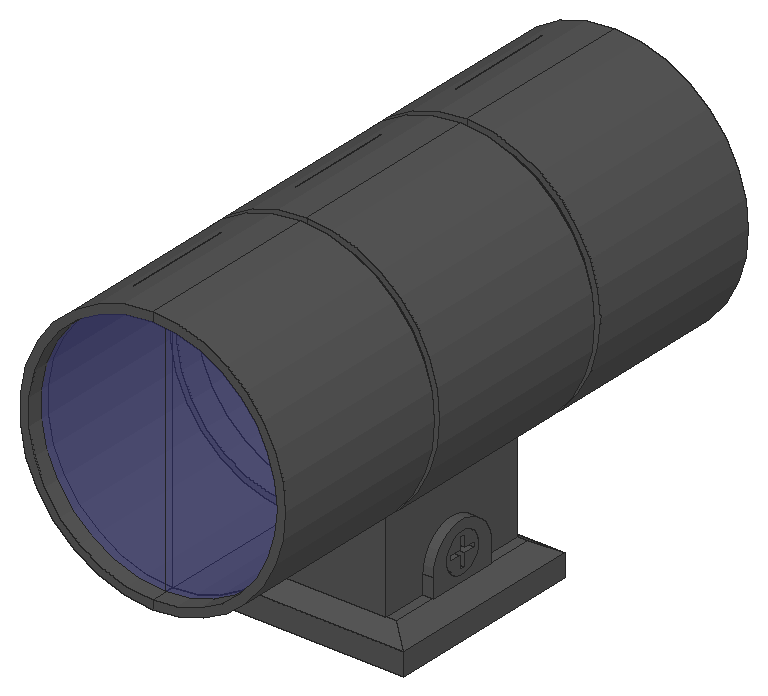
Revit family "CARLO CYLINDER LIGHT WALL MOUNT", category Lighting Fixtures, host Face, Revit 2020 (continued)
Types (10): name | Wattage_Input | Wattage Comments | Wattage | Photometric Web File | built-in parameter 1150142 | Model | built-in parameter 1150105 | Lumens | Light Length 1 | LIGHT RADIUS | LIGHT PLACEMENT | LIGHT LENGTH | LIGHT DIA | built-in parameter 1150106 | FIXED END HEIGHT | Curve base Height | Base Curve | BEAMING ANGLE | Apparent Load
  CCL4-11-20SPSW8-PC-25-WM-BK | 20 W | "12W/16W/20W" | 12.1178 W | "CCL4 20W 3000K 25° (up and down light).IES" | "IESNA:LM-63-2002\r\n[TEST] CCL4 20W 3000K 25¡ã (up and down light)\r\n[TESTLAB] EVERFINE\r\n[TESTDATE] 2024-07-05\r\n[ISSUEDATE] 2024-07-05 04:44:29\r\n[NEARFIELD] \r\n[LAMPPOSITION] 0,0\r\n[OTHER] EVERFINE GO-2000_V1 SYSTEM\r\n[MANUFAC] Aboveall lighting\r\nTILT=NONE\r\n1 812.93 1 361 73 1 2 0.000 0.000 0.000\r\n1.000 1 20.2317\r\n0.0    0.5    1.0    1.5    2.0    2.5    3.0    3.5    4.0    4.5    \r\n 5.0    5.5    6.0    6.5    7.0    7.5    8.0    8.5    9.0    9.5    \r\n 10.0   10.5   11.0   11.5   12.0   12.5   13.0   13.5   14.0   14.5   \r\n 15.0   15.5   16.0   16.5   17.0   17.5   18.0   18.5   19.0   19.5   \r\n 20.0   20.5   21.0   21.5   22.0   22.5   23.0   23.5   24.0   24.5   \r\n 25.0   25.5   26.0   26.5   27.0   27.5   28.0   28.5   29.0   29.5   \r\n 30.0   30.5   31.0   31.5   32.0   32.5   33.0   33.5   34.0   34.5   \r\n 35.0   35.5   36.0   36.5   37.0   37.5   38.0   38.5   39.0   39.5   \r\n 40.0   40.5   41.0   41.5   42.0   42.5   43.0   43.5   44.0   44.5   \r\n 45.0   45.5   46.0   46.5   47.0   47.5   48.0   48.5   49.0   49.5   \r\n 50.0   50.5   51.0   51.5   52.0   52.5   53.0   53.5   54.0   54.5   \r\n 55.0   55.5   56.0   56.5   57.0   57.5   58.0   58.5   59.0   59.5   \r\n 60.0   60.5   61.0   61.5   62.0   62.5   63.0   63.5   64.0   64.5   \r\n 65.0   65.5   66.0   66.5   67.0   67.5   68.0   68.5   69.0   69.5   \r\n 70.0   70.5   71.0   71.5   72.0   72.5   73.0   73.5   74.0   74.5   \r\n 75.0   75.5   76.0   76.5   77.0   77.5   78.0   78.5   79.0   79.5   \r\n 80.0   80.5   81.0   81.5   82.0   82.5   83.0   83.5   84.0   84.5   \r\n 85.0   85.5   86.0   86.5   87.0   87.5   88.0   88.5   89.0   89.5   \r\n 90.0   90.5   91.0   91.5   92.0   92.5   93.0   93.5   94.0   94.5   \r\n 95.0   95.5   96.0   96.5   97.0   97.5   98.0   98.5   99.0   99.5   \r\n 100.0  100.5  101.0  101.5  102.0  102.5  103.0  103.5  104.0  104.5  \r\n 105.0  105.5  106.0  106.5  107.0  107.5  108.0  108.5  109.0  109.5  \r\n 110.0  110.5  111.0  111.5  112.0  112.5  113.0  113.5  114.0  114.5  \r\n 115.0  115.5  116.0  116.5  117.0  117.5  118.0  118.5  119.0  119.5  \r\n 120.0  120.5  121.0  121.5  122.0  122.5  123.0  123.5  124.0  124.5  \r\n 125.0  125.5  126.0  126.5  127.0  127.5  128.0  128.5  129.0  129.5  \r\n 130.0  130.5  131.0  131.5  132.0  132.5  133.0  133.5  134.0  134.5  \r\n 135.0  135.5  136.0  136.5  137.0  137.5  138.0  138.5  139.0  139.5  \r\n 140.0  140.5  141.0  141.5  142.0  142.5  143.0  143.5  144.0  144.5  \r\n 145.0  145.5  146.0  146.5  147.0  147.5  148.0  148.5  149.0  149.5  \r\n 150.0  150.5  151.0  151.5  152.0  152.5  153.0  153.5  154.0  154.5  \r\n 155.0  155.5  156.0  156.5  157.0  157.5  158.0  158.5  159.0  159.5  \r\n 160.0  160.5  161.0  161.5  162.0  162.5  163.0  163.5  164.0  164.5  \r\n 165.0  165.5  166.0  166.5  167.0  167.5  168.0  168.5  169.0  169.5  \r\n 170.0  170.5  171.0  171.5  172.0  172.5  173.0  173.5  174.0  174.5  \r\n 175.0  175.5  176.0  176.5  177.0  177.5  178.0  178.5  179.0  179.5  \r\n 180.0  \r\n0.0    5.0    10.0   15.0   20.0   25.0   30.0   35.0   40.0   45.0   \r\n 50.0   55.0   60.0   65.0   70.0   75.0   80.0   85.0   90.0   95.0   \r\n 100.0  105.0  110.0  115.0  120.0  125.0  130.0  135.0  140.0  145.0  \r\n 150.0  155.0  160.0  165.0  170.0  175.0  180.0  185.0  190.0  195.0  \r\n 200.0  205.0  210.0  215.0  220.0  225.0  230.0  235.0  240.0  245.0  \r\n 250.0  255.0  260.0  265.0  270.0  275.0  280.0  285.0  290.0  295.0  \r\n 300.0  305.0  310.0  315.0  320.0  325.0  330.0  335.0  340.0  345.0  \r\n 350.0  355.0  360.0  \r\n3725 3720.5 3708.8 3694.4 3668.3 3622.8 3556.3 3464.2 3347.9 3204.9 \r\n 3042.7 2867.9 2680.9 2482 2278.7 2078.7 1882.2 1689.4 1507.5 1342.2 \r\n 1198.1 1088.7 992.56 886.58 788.22 709.85 643.64 585.81 536.7 495.58 \r\n 461.83 435.14 413.84 396.29 382.13 370.53 361.18 353.62 347.5 342.31 \r\n 338.09 334.93 332.26 329.44 326.77 324.33 322.09 320.05 318.18 316.49 \r\n 314.74 312.56 310.21 307.8 305.4 303.18 301 298.75 296.51 294.32 \r\n 292.19 290.12 288.24 286.79 285.43 283.82 282.19 280.66 279.2 278.09 \r\n 276.4 273.97 268.73 257.93 243.36 225.86 205.63 182.19 158.46 137.97 \r\n 118.37 98.385 78.412 56.802 38.448 29.322 24.526 21.152 19.197 17.681 \r\n 16.622 15.694 14.949 14.354 13.841 13.331 12.834 12.332 11.836 11.361 \r\n 10.881 10.362 9.8402 9.3544 8.8656 8.3344 7.8007 7.2977 6.8061 6.3114 \r\n 5.8321 5.3872 4.9614 4.5426 4.1393 3.7508 3.3932 3.0862 2.8183 2.5861 \r\n 2.3841 2.2079 2.0514 1.9056 1.7742 1.6583 1.557 1.4718 1.3961 1.3233 \r\n 1.2556 1.1921 1.1351 1.0889 1.0466 1.0028 0.95846 0.91165 0.86633 0.82619 \r\n 0.79002 0.75862 0.72975 0.70174 0.67376 0.64367 0.6137 0.59107 0.56943 0.54392 \r\n 0.51743 0.49114 0.46533 0.44151 0.4172 0.3892 0.36119 0.33661 0.31301 0.28872 \r\n 0.26493 0.24262 0.2208 0.19875 0.17673 0.1545 0.13276 0.11172 0.092643 0.078036 \r\n 0.064443 0.048432 0.032434 0.016652 0.004335 0.00043719 0.000046 0 0 0 \r\n 0 0 0 0 0 0.017321 0.039652 0.059174 0.079724 0.10267 \r\n 0.1276 0.15583 0.1836 0.20572 0.22783 0.25531 0.28378 0.3101 0.33593 0.36173 \r\n 0.38802 0.4158 0.44408 0.47163 0.50018 0.53268 0.56421 0.58834 0.61246 0.64321 \r\n 0.67641 0.7101 0.74431 0.77786 0.81243 0.85118 0.89243 0.93397 0.98049 1.0386 \r\n 1.1003 1.1579 1.2166 1.2772 1.3447 1.4271 1.5165 1.6048 1.7007 1.8102 \r\n 1.9326 2.0682 2.2206 2.3933 2.5874 2.8069 3.0471 3.2959 3.5791 3.9251 \r\n 4.314 4.7435 5.1899 5.6157 6.0596 6.5614 7.0797 7.5759 8.0817 8.6267 \r\n 9.1787 9.7031 10.237 10.818 11.41 11.981 12.553 13.131 13.727 14.354 \r\n 15.008 15.67 16.401 17.213 18.227 19.553 21.243 23.442 25.975 28.017 \r\n 31.667 38.811 49.271 63.873 81.484 101.72 123.15 144.17 164.98 186.28 \r\n 204.95 216.59 225.8 236.13 246.43 257.73 267.05 270.43 271.92 274.65 \r\n 277.42 280.03 282.64 285.36 288.09 290.77 293.41 296.03 298.54 300.85 \r\n 302.97 304.85 306.63 308.46 310.32 312.25 314.26 316.42 318.61 320.6 \r\n 322.75 325.42 328.38 331.44 334.79 338.41 342.63 347.68 353.86 361.27 \r\n 370.72 382.79 398.27 417.96 442.42 472.11 508.14 551.44 603.02 664.02 \r\n 734.87 816.01 908.57 1012.3 1131.8 1271.1 1431 1618.8 1819.6 2020.9 \r\n 2223 2421.1 2618.1 2820.1 3013.1 3184.6 3335.5 3464 3565.2 3630.7 \r\n 3669.6 3683.4 3686.5 3695.2 3704.8 3717.5 3729 3736 3738.4 3735.1 \r\n 3733.6 \r\n3725 3720.7 3710.2 3697.5 3674.2 3634.1 3574.1 3488.4 3378.9 3243.8 \r\n 3087.5 2911.4 2722.2 2525.2 2325.3 2129.7 1936.4 1743.1 1558.5 1388.9 \r\n 1239.1 1122 1018.6 909.56 809.51 729.06 661.07 602.05 551.63 508.23 \r\n 472.02 443.22 420.08 401.13 385.87 373.4 363.39 355.31 348.81 343.33 \r\n 338.88 335.46 332.57 329.69 327 324.52 322.24 320.17 318.26 316.52 \r\n 314.74 312.64 310.42 308.18 305.94 303.77 301.63 299.48 297.36 295.3 \r\n 293.3 291.36 289.57 288.08 286.65 284.98 283.29 281.72 280.22 279.03 \r\n 277.49 276.03 271.67 260.62 245.79 228.82 209.79 188.96 167.47 146.79 \r\n 126.25 105.72 85.196 63.159 44.052 33.066 26.432 22.36 20.102 18.27 \r\n 17.004 15.985 15.204 14.552 13.998 13.477 12.982 12.483 11.99 11.511 \r\n 11.025 10.504 9.9812 9.4952 9.0071 8.4785 7.946 7.4386 6.9412 6.4442 \r\n 5.9613 5.5057 5.0691 4.648 4.2417 3.8406 3.4682 3.1491 2.871 2.6322 \r\n 2.4248 2.2423 2.0794 1.9276 1.7909 1.6715 1.5674 1.4796 1.4016 1.326 \r\n 1.2564 1.1946 1.1388 1.0886 1.0419 0.99703 0.95279 0.90569 0.86074 0.82286 \r\n 0.78881 0.75707 0.72743 0.69965 0.67227 0.64313 0.61407 0.59079 0.5684 0.5434 \r\n 0.5175 0.491 0.46465 0.44005 0.41493 0.38627 0.35797 0.33407 0.31118 0.28661 \r\n 0.26228 0.23951 0.21734 0.19523 0.17327 0.15116 0.12949 0.10821 0.088924 0.074567 \r\n 0.061139 0.044432 0.028011 0.013353 0.0025214 0 0 0 0 0 \r\n 0.000040 0.0020775 0.0048978 0.0058439 0.011198 0.029185 0.051319 0.070497 0.090803 0.11438 \r\n 0.13995 0.16802 0.19548 0.2177 0.23982 0.26677 0.29453 0.32007 0.34537 0.37137 \r\n 0.39808 0.42594 0.45451 0.48324 0.51288 0.54525 0.57664 0.60187 0.62708 0.6578 \r\n 0.69073 0.72452 0.75895 0.79286 0.82809 0.86846 0.91159 0.95507 1.0029 1.06 \r\n 1.1209 1.1809 1.2423 1.3036 1.3713 1.4538 1.5443 1.6365 1.737 1.8508 \r\n 1.977 2.1152 2.2697 2.4435 2.6402 2.8672 3.1162 3.3733 3.6629 4.0097 \r\n 4.3992 4.8343 5.2862 5.7117 6.1557 6.6641 7.1902 7.6907 8.2002 8.751 \r\n 9.3064 9.8249 10.352 10.936 11.528 12.086 12.643 13.219 13.814 14.433 \r\n 15.08 15.739 16.473 17.304 18.347 19.7 21.434 23.733 26.349 28.28 \r\n 31.969 39.716 50.953 66.356 84.492 104.38 125.35 146.51 167.56 188.84 \r\n 207.64 220.09 229.91 239.68 248.92 258.78 266.89 270.19 271.92 274.65 \r\n 277.41 280.09 282.78 285.59 288.4 291.05 293.69 296.45 299.13 301.54 \r\n 303.78 305.89 307.91 309.92 311.93 313.97 316.06 318.32 320.61 322.75 \r\n 325.05 327.85 330.94 334.14 337.67 341.54 346.05 351.39 357.88 365.63 \r\n 375.49 388.07 404.15 424.44 449.72 480.65 518.32 563.73 617.79 681.43 \r\n 755.58 842.21 939.14 1041.1 1159.2 1304.5 1471.4 1662.1 1864.3 2066.4 \r\n 2269 2468.8 2666.7 2866.8 3056.2 3223.2 3368.7 3491.7 3587.1 3646.4 \r\n 3679.7 3689.3 3690 3699.9 3711.3 3724 3734.9 3740.8 3742.1 3737.8 \r\n 3733.6 \r\n3725 3721.1 3711.9 3700.9 3680.9 3646.5 3593.4 3514.9 3412.6 3285.5 \r\n 3135 2957.8 2766.8 2573.1 2377.8 2186.9 1996.9 1802.9 1615.3 1441.3 \r\n 1285.3 1158.9 1047.2 935.51 834.42 751.77 681.62 620.96 568.81 522.88 \r\n 484 452.79 427.54 406.99 390.48 377.03 366.28 357.62 350.68 344.87 \r\n 340.14 336.36 333.17 330.16 327.39 324.79 322.39 320.21 318.18 316.26 \r\n 314.34 312.27 310.16 308.06 305.95 303.8 301.67 299.63 297.65 295.75 \r\n 293.93 292.16 290.49 289 287.52 285.84 284.16 282.59 281.11 279.89 \r\n 278.47 277.6 273.77 262.4 247.44 231.37 213.95 195.98 176.89 155.97 \r\n 134.4 113.21 92.114 69.924 50.324 37.398 28.753 23.863 21.208 19.01 \r\n 17.511 16.383 15.55 14.828 14.222 13.681 13.183 12.684 12.192 11.705 \r\n 11.21 10.686 10.161 9.6716 9.1811 8.6558 8.1258 7.6124 7.1076 6.608 \r\n 6.1207 5.6519 5.2019 4.7764 4.3653 3.9502 3.5619 3.2294 2.9397 2.6927 \r\n 2.4782 2.2872 2.1162 1.9575 1.8151 1.6916 1.5841 1.4929 1.4118 1.3329 \r\n 1.2611 1.2006 1.1456 1.0906 1.0387 0.99254 0.94825 0.9009 0.85645 0.82097 \r\n 0.78911 0.75684 0.72616 0.69844 0.67157 0.64349 0.61547 0.5911 0.5675 0.54287 \r\n 0.51754 0.49082 0.46389 0.43835 0.41226 0.38288 0.35427 0.33103 0.30881 0.28392 \r\n 0.25898 0.2357 0.21313 0.19096 0.16906 0.147 0.1253 0.10364 0.083996 0.069705 \r\n 0.056331 0.038965 0.022359 0.0094941 0.00077819 0 0 0 0 0 \r\n 0.000082 0.004205 0.010139 0.015538 0.024717 0.043369 0.065028 0.083725 0.10366 0.12778 \r\n 0.1539 0.18161 0.20865 0.23124 0.25361 0.27978 0.30654 0.33133 0.3562 0.38257 \r\n 0.4098 0.43764 0.46641 0.49657 0.52753 0.55954 0.59057 0.61715 0.64379 0.67462 \r\n 0.70733 0.74109 0.77562 0.81027 0.84732 0.88964 0.9349 0.98077 1.0301 1.0858 \r\n 1.1455 1.2082 1.2728 1.3348 1.4026 1.4845 1.5754 1.6715 1.777 1.895 \r\n 2.0249 2.1652 2.321 2.4947 2.6927 2.9258 3.1828 3.4487 3.7449 4.0903 \r\n 4.4774 4.9164 5.3726 5.7976 6.2416 6.7561 7.2894 7.7954 8.31 8.8668 \r\n 9.426 9.9417 10.465 11.05 11.642 12.185 12.728 13.306 13.905 14.515 \r\n 15.154 15.812 16.554 17.41 18.484 19.857 21.624 24.008 26.704 28.581 \r\n 32.345 40.62 52.514 68.588 87.106 106.48 126.83 148 169.2 190.31 \r\n 209.2 222.92 233.88 243.41 251.72 259.94 266.59 269.85 271.94 274.68 \r\n 277.44 280.2 282.99 285.9 288.78 291.4 294.02 296.91 299.76 302.26 \r\n 304.63 306.98 309.27 311.47 313.64 315.78 317.97 320.33 322.75 325.07 \r\n 327.57 330.52 333.74 337.11 340.82 344.96 349.77 355.39 362.18 370.27 \r\n 380.52 393.57 410.18 430.96 456.92 488.96 528.13 575.51 631.9 697.96 \r\n 775.2 867.21 968.38 1068.6 1185 1335.3 1507.8 1699.9 1902.2 2104.3 \r\n 2307.1 2508.7 2707.6 2905.4 3091.1 3253.8 3394.5 3512.3 3602.6 3656.9 \r\n 3686.1 3693.5 3693.5 3704.9 3718.2 3730.6 3740.5 3745.3 3745.5 3740.4 \r\n 3733.6 \r\n3725 3721.6 3713.8 3704.7 3687.9 3659.3 3613.2 3542.1 3447.4 3328.2 \r\n 3183.6 3006.2 2814.3 2624.7 2434.6 2248.1 2061 1866.3 1675.7 1497.2 \r\n 1334.8 1198.5 1077.9 964.04 862.58 777.64 704.94 641.99 587.47 538.85 \r\n 497.24 463.44 435.91 413.64 395.78 381.29 369.72 360.44 353.01 346.84 \r\n 341.8 337.61 334.06 330.86 327.95 325.19 322.62 320.26 318.02 315.83 \r\n 313.7 311.59 309.53 307.53 305.51 303.34 301.19 299.23 297.38 295.64 \r\n 293.99 292.42 290.89 289.4 287.89 286.24 284.61 283.09 281.66 280.47 \r\n 279.13 278.54 274.96 263.38 248.52 233.64 218.08 202.95 186.17 165.04 \r\n 142.47 120.61 98.963 76.855 56.991 42.155 31.446 25.643 22.491 19.897 \r\n 18.153 16.894 15.993 15.188 14.519 13.951 13.443 12.938 12.442 11.943 \r\n 11.437 10.907 10.38 9.8828 9.3867 8.8642 8.3363 7.8152 7.3009 6.798 \r\n 6.3059 5.8224 5.3571 4.9249 4.5072 4.0777 3.6733 3.3267 3.0242 2.7676 \r\n 2.5444 2.3432 2.1626 1.9964 1.848 1.7201 1.6089 1.5134 1.4282 1.3457 \r\n 1.2714 1.2116 1.1568 1.0967 1.0394 0.99165 0.9471 0.89949 0.8555 0.82216 \r\n 0.79216 0.7592 0.72733 0.69938 0.67277 0.6457 0.61865 0.59288 0.56773 0.54339 \r\n 0.5186 0.49161 0.46407 0.43754 0.41046 0.38041 0.35151 0.32877 0.30705 0.28181 \r\n 0.25627 0.23246 0.20948 0.18726 0.16541 0.14337 0.12156 0.099426 0.079301 0.064947 \r\n 0.051541 0.03352 0.016861 0.0062631 0 0 0 0 0 0 \r\n 0.00012229 0.0061177 0.015053 0.025288 0.038694 0.057964 0.078986 0.097135 0.11664 0.1412 \r\n 0.16778 0.19498 0.22154 0.2447 0.26751 0.29278 0.31841 0.34255 0.36716 0.39398 \r\n 0.42178 0.44949 0.47837 0.51005 0.5424 0.57389 0.6044 0.63239 0.66059 0.69166 \r\n 0.72424 0.75791 0.79246 0.82856 0.86758 0.91188 0.9592 1.0075 1.0584 1.1125 \r\n 1.1708 1.2362 1.3039 1.3669 1.4347 1.5155 1.6062 1.706 1.8163 1.9385 \r\n 2.0717 2.2137 2.3703 2.5433 2.7416 2.9793 3.2427 3.5174 3.8202 4.1629 \r\n 4.5461 4.9876 5.447 5.8716 6.3159 6.8353 7.375 7.8868 8.4069 8.9693 \r\n 9.5324 10.048 10.569 11.155 11.744 12.274 12.806 13.389 13.993 14.596 \r\n 15.228 15.888 16.643 17.53 18.638 20.029 21.825 24.279 27.061 28.963 \r\n 32.868 41.645 54.13 70.792 89.604 108.41 128.07 149.19 170.45 191.17 \r\n 210.04 225.22 237.58 247.14 254.7 261.22 266.32 269.56 272.04 274.8 \r\n 277.56 280.39 283.28 286.28 289.2 291.78 294.37 297.38 300.38 302.97 \r\n 305.45 308.04 310.59 312.99 315.3 317.55 319.83 322.29 324.84 327.38 \r\n 330.1 333.19 336.56 340.08 343.98 348.39 353.49 359.38 366.46 374.89 \r\n 385.53 399.05 416.17 437.39 463.98 497.05 537.6 586.79 645.33 713.62 \r\n 793.71 890.65 995.81 1094.8 1209.9 1364.2 1541 1733.5 1935 2136.5 \r\n 2339.1 2542.1 2741.7 2937.4 3119.5 3278.2 3414.4 3527.4 3613.1 3663.3 \r\n 3689.6 3696.4 3697.2 3710.4 3725.3 3737.1 3745.7 3749.5 3748.7 3742.8 \r\n 3733.6 \r\n3725 3722.4 3715.8 3708.6 3694.9 3671.8 3632.5 3569 3482.1 3370.5 \r\n 3231.8 3055.4 2864.1 2679 2493.9 2311.1 2126 1930.6 1737.3 1554.5 \r\n 1385.8 1239.5 1110.1 994.8 893.61 806.36 730.69 664.58 606.88 555.44 \r\n 511.18 474.75 444.87 420.84 401.6 386.01 373.59 363.64 355.71 349.17 \r\n 343.78 339.16 335.22 331.8 328.73 325.76 322.98 320.39 317.9 315.38 \r\n 312.97 310.76 308.68 306.71 304.72 302.46 300.24 298.32 296.56 294.95 \r\n 293.44 292.02 290.61 289.13 287.6 286.01 284.45 283.02 281.68 280.55 \r\n 279.25 278.71 275.22 263.68 249.26 235.8 222.16 209.54 194.74 173.52 \r\n 150.14 127.66 105.54 83.705 63.783 47.174 34.467 27.677 23.927 20.923 \r\n 18.937 17.529 16.539 15.639 14.898 14.294 13.766 13.248 12.742 12.227 \r\n 11.706 11.17 10.636 10.129 9.6232 9.1013 8.5739 8.0426 7.517 7.01 \r\n 6.5125 6.0136 5.5318 5.0908 4.6645 4.2212 3.8017 3.4405 3.1245 2.857 \r\n 2.6237 2.4109 2.2196 2.0455 1.891 1.7585 1.6433 1.5429 1.453 1.3663 \r\n 1.289 1.2291 1.1737 1.1088 1.0464 0.99676 0.95163 0.90366 0.85995 0.82804 \r\n 0.79923 0.76543 0.7323 0.70375 0.67699 0.65069 0.62439 0.59698 0.57011 0.546 \r\n 0.52173 0.4944 0.4662 0.43876 0.4108 0.38024 0.35109 0.32856 0.30704 0.28143 \r\n 0.25537 0.23107 0.20771 0.18544 0.16363 0.14159 0.11964 0.096959 0.076282 0.06179 \r\n 0.048293 0.029655 0.012902 0.0042389 0 0 0 0 0 0 \r\n 0.000154 0.007551 0.018966 0.033782 0.051263 0.07106 0.091403 0.10901 0.12807 0.15299 \r\n 0.1799 0.2065 0.23254 0.25643 0.27985 0.30424 0.32874 0.35243 0.37696 0.40427 \r\n 0.43259 0.46009 0.48898 0.52211 0.55579 0.58666 0.61655 0.64583 0.6755 0.7069 \r\n 0.73944 0.77304 0.8076 0.84528 0.88632 0.93232 0.98132 1.0317 1.084 1.1366 \r\n 1.1936 1.2613 1.
